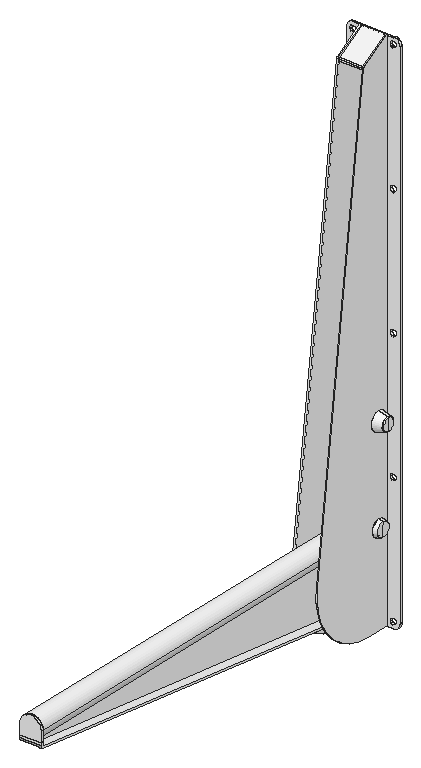
Revit family "KingswayGroup_SpprtRls_Anti-LigatureDropRailWallMounted", category Specialty Equipment, Revit 2020
Family settings
  Round Connector Dimension = Use Diameter
  Part Type = Normal
  Work Plane-Based = No
  Always vertical = Yes
  Cut with Voids When Loaded = No
  Shared = No
  Room Calculation Point = No
Parameters
  WarrantyStartDate [instance] = "1900-12-31T23:59:59"
  WarrantyGuarantorParts = "sales@kingswaygroup.co.uk"
  WarrantyGuarantorLabor = "n/a"
  WarrantyDurationUnit = "year"
  WarrantyDurationParts = "5"
  WarrantyDurationLabor = "n/a"
  WarrantyDescription = "5-Year Guarantee *For faulty manufacture and not for damage"
  Version = "1"
  Uniclass2015Version = "Products v1.36"
  Uniclass2015Title = "Support rails"
  Uniclass2015Code = "Pr_40_20_76_84"
  URL = "https://kingswaygroupglobal.com/"
  TagNumber [instance] = "n/a"
  SustainabilityPerformance = "n/a"
  Size = "807 x 993 x 100 mm"
  Shape = "n/a"
  SerialNumber [instance] = "n/a"
  Revision = "n/a"
  ReplacementCost = "n/a"
  ProductInformation = "https://kingswaygroupglobal.com/product/anti-ligature-drop-rail-wall-mounted?noredirect=true"
  NominalWidth = 100 mm  # constant formula
  NominalLength = 807 mm  # constant formula
  NominalHeight = 993 mm  # constant formula
  Name = "SupportRails_Anti-LigatureDropRailWallMountedl_KG255_KingswayGroup"
  ModelReference = "Anti-Ligature Drop Rail Wall Mounted"
  ModelNumber = "KG255"
  RailsMaterial = NBS_Concept
  Model = ModelNumber  # "KG255"
  Material = "Heavy Gauge Steel"
  ManufacturerURL = "https://kingswaygroupglobal.com/"
  ManufacturerName = "Kingsway Group"  # constant formula
  Manufacturer = ManufacturerName  # "Kingsway Group"
  InstallationDate [instance] = "1900-12-31T23:59:59"
  IfcExportType = "HANDRAIL"
  IfcExportAs = "IfcRailingType"
  Grade = "n/a"
  Finish = "For full range of available finishes and colours, contact Kingsway Group"
  Features = "Rated to 300kg, the KG255 is a high-strength drop rail designed to support service users in mental health ensuites and washroom facilities. The sturdy hinged rail can be safely locked in the upright position when not in use to ensure the ligature risk is minimised, while staff can unlock the unit and lower the rail when a service user requires support."
  ExpectedLife = "n/a"
  DurationUnit = "year"
  Description = "Drop Rail Support"
  Default Elevation = 0 mm
  Constituents = "n/a"
  Color = "For full range of available finishes and colours, contact Kingsway Group"
  CodePerformance = "n/a"
  Category = "Pr_40_20_76_84:Support rails"
  BarCode [instance] = "n/a"
  BIMObjectName = "KingswayGroup_SupportRails_Anti-LigatureDropRailWallMounted"
  Author = "Kingsway Group"  # constant formula
  AssetType = "Fixed"
  AssetIdentifier [instance] = "n/a"
  AccessibilityPerformance = "n/a"
Reference planes
  plane 1 "Center (Front/Back)": y = 0
  plane 2: z = 0
  plane 3 "Center (Left/Right)": x = 0
Forms (mm)
  Extrusion 1, solid, material "NBS_Concept" <- "RailsMaterial"
    sketch origin (0, 0, 0) x (1, 0, 0) y (0, 0, 1)
      loop
        line (-50.001, 981.028) -> (-50.001, 11.972)
        arc (-50.001, 11.972) -> (-46.509, 3.492) -> (-38.029, 0) r 11.922
        line (-38.029, 0) -> (38.029, 0)
        arc (38.029, 0) -> (46.509, 3.492) -> (50.001, 11.972) r 11.922
        line (50.001, 11.972) -> (50.001, 981.028)
        arc (50.001, 981.028) -> (46.509, 989.508) -> (38.029, 993) r 11.922
        line (38.029, 993) -> (-38.029, 993)
        arc (-38.029, 993) -> (-46.509, 989.508) -> (-50.001, 981.028) r 11.922
    from 0 to 3
  Extrusion 2, solid, material "NBS_Concept" <- "RailsMaterial"
    sketch origin (-25.5, 0, 0) x (0, 1, 0) y (0, 0, 1)
      loop
        line (-46.552, 0) -> (-3, 0) -> (-3, 993) -> (-55.457, 961.48)
        arc (-55.457, 961.48) -> (-56.531, 960.575) -> (-57.049, 959.269) r 2.879
        line (-57.049, 959.269) -> (-165.474, 135.603)
        arc (-165.474, 135.603) -> (-136.733, 40.86) -> (-46.552, 0) r 119.948
    from 0 to 3
  Extrusion 3, solid, material "NBS_Concept" <- "RailsMaterial"
    sketch origin (0, 0, 0) x (0, 1, 0) y (0, 0, 1)
      loop
        line (-3, 993) -> (-55.457, 961.48)
        arc (-55.457, 961.48) -> (-56.531, 960.575) -> (-57.049, 959.269) r 2.879
        line (-57.049, 959.269) -> (-57.332, 957.118) -> (-3, 988.487) -> (-3, 993)
    from -22.535 to 22.535
  Extrusion 4, solid, material "NBS_Concept" <- "RailsMaterial"
    sketch origin (22.5, 0, 0) x (0, 1, 0) y (0, 0, 1)
      loop
        line (-46.552, 0) -> (-3, 0) -> (-3, 993) -> (-55.457, 961.48)
        arc (-55.457, 961.48) -> (-56.531, 960.575) -> (-57.049, 959.269) r 2.879
        line (-57.049, 959.269) -> (-165.474, 135.603)
        arc (-165.474, 135.603) -> (-136.733, 40.86) -> (-46.552, 0) r 119.948
    from 0 to 3
  Revolve 5, solid, material "NBS_Concept" <- "RailsMaterial"
    sketch origin (0, -25.033, 0) x (1, 0, 0) y (0, 0, 1)
      loop
        line (-35.564, 175.002) -> (-25.5, 175.002) -> (-25.5, 189.791) -> (-27.465, 189.791) -> (-35.564, 187.678) -> (-35.564, 175.002)
      loop
        line (25.5, 175.002) -> (35.564, 175.002) -> (35.564, 187.678) -> (27.465, 189.791) -> (25.5, 189.791) -> (25.5, 175.002)
      axis (-35.564, 175.002) -> (35.564, 175.002)
    angle from 0 to 360
  Revolve 6, solid, material "NBS_Concept" <- "RailsMaterial"
    sketch origin (0, -25.033, 180) x (1, 0, 0) y (0, 0, 1)
      loop
        line (25.5, 175.002) -> (45.423, 175.002) -> (45.423, 186.179) -> (44.36, 187.242) -> (43.563, 187.242) -> (27.465, 191.835) -> (25.5, 191.835) -> (25.5, 175.002)
      axis (25.5, 175.002) -> (45.423, 175.002)
    angle from 0 to 360
  Extrusion 7, solid, material "NBS_Concept" <- "RailsMaterial"
    sketch origin (0, 0, 0) x (0, 1, 0) y (0, 0, 1)
      loop
        line (-10.112, 39.136) -> (-10.112, 42.155) -> (-801.2, 146.303)
        arc (-801.2, 146.303) -> (-803.062, 147.298) -> (-803.806, 149.274) r 2.996
        line (-803.806, 149.274) -> (-803.806, 154.46) -> (-806.8, 154.46) -> (-806.8, 149.274)
        arc (-806.8, 149.274) -> (-805.314, 145.325) -> (-801.593, 143.336) r 5.989
        line (-801.593, 143.336) -> (-10.112, 39.136)
    from -20.071 to 20.071
  Extrusion 8, solid, material "NBS_Concept" <- "RailsMaterial"
    sketch origin (-1.5, 0, 0) x (0, 1, 0) y (0, 0, 1)
      loop
        line (-803.806, 154.46) -> (-803.806, 149.273)
        arc (-803.806, 149.273) -> (-803.062, 147.297) -> (-801.2, 146.302) r 2.996
        line (-801.2, 146.302) -> (-10.112, 42.155) -> (-10.112, 154.46) -> (-803.806, 154.46)
    from 0 to 3
  Extrusion 9, solid, material "NBS_Concept" <- "RailsMaterial"
    sketch origin (0, -10.112, 0) x (1, 0, 0) y (0, 0, 1)
      loop
        circle (0, 174.264) r 20
    from 0 to 793.688
  Extrusion 10, solid, material "NBS_Concept" <- "RailsMaterial"
    sketch origin (0, -803.8, 0) x (1, 0, 0) y (0, 0, 1)
      loop
        line (-20.071, 154.46) -> (20.071, 154.46) -> (20.071, 174.194)
        arc (20.071, 174.194) -> (0, 194.264) -> (-20.071, 174.194) r 20.071
        line (-20.071, 174.194) -> (-20.071, 154.46)
    from 0 to 3
  Extrusion 11, void
    sketch origin (0, -3, 1.9) x (1, 0, 0) y (0, 0, 1)
      loop
        circle (-38.046, 979.246) r 6
      loop
        circle (37.954, 979.246) r 6
      loop
        circle (-38.046, 736.946) r 6
      loop
        circle (37.954, 736.946) r 6
      loop
        circle (-38.046, 494.646) r 6
      loop
        circle (37.954, 494.646) r 6
      loop
        circle (-38.046, 252.346) r 6
      loop
        circle (37.954, 252.346) r 6
      loop
        circle (-38.046, 10.046) r 6
      loop
        circle (37.954, 10.046) r 6
    from -3 to 1
Cuts and joins
  Extrusion 11 cuts Extrusion 1
Dimensions and locks
  Extrusion 1 sketch curve to Extrusion 1 sketch curve = 993 mm
  plane 1 "Center (Front/Back)" to Extrusion 2 = 166.5 mm
  plane 1 "Center (Front/Back)" to Extrusion 10 = 806.8 mm
  Extrusion 2 to Extrusion 4 = 51 mm
  Extrusion 10 to plane 1 "Center (Front/Back)" = 806.8 mm
  Extrusion 1 to Extrusion 1 = 100.001 mm
  Extrusion 1 to level = 993 mm
  Extrusion 11 to Extrusion 11 to Extrusion 11 to Extrusion 11 to Extrusion 11 = 242.3 mm, 242.3 mm, 242.3 mm, 242.3 mm
  aligned and locked: level to plane 2
